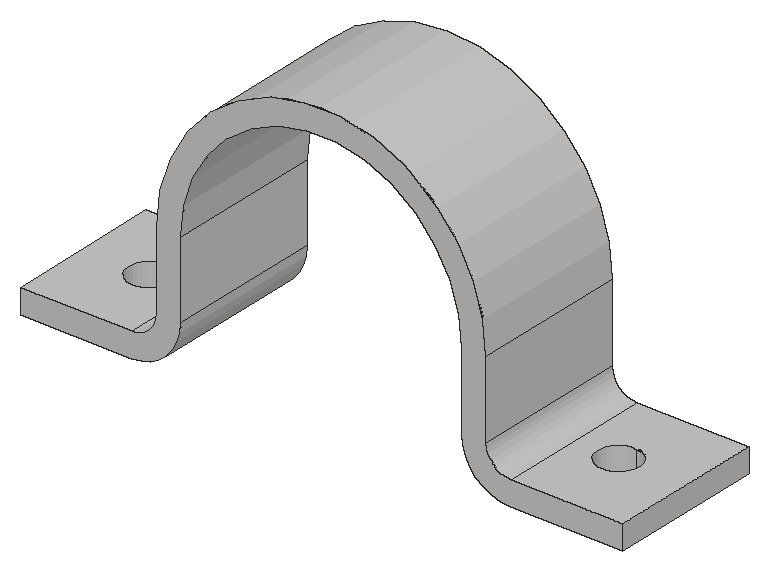
Revit family "Pipe-Strap-Atkore-Single-Piece-P2558-25", category Specialty Equipment, Revit 2012
Parameters (values of type "P2558-25")
  ecoScorecard_data = ""
  ecoScorecard Product Page = ""
  Unit = Metal - Aluminum - Atkore - Electro - Galvanized
  URL = "http://unistrut.us/index.php"
  Thickness = 6.40 mm
  Subcategory = "Pipe Strap"  # constant formula
  Product Page URL = ""
  Part Type = "Strap"  # constant formula
  Part Number = "P2558-25"
  Overall Width = 157.956 mm
  Overall Height = 76.156 mm
  Overall Depth = 41.275 mm
  Model = "P2558-25"  # constant formula
  Material = "Multiple Options - See Catalog"
  Manufacturer Toll Free Phone = "800-882-5543"  # constant formula
  Manufacturer Phone = "708-339-1610"  # constant formula
  Manufacturer Fax = "708-339-7814"  # constant formula
  Manufacturer Email = "mailto:questions@atkore.com"
  Manufacturer Address = "16100 South Lathrop Avenue, Harvey, IL 60426"  # constant formula
  Manufacturer = "Unistrut by Atkore International"  # constant formula
  Load Capacity Note = "Visit the product page for load application and capacity."  # constant formula
  Literature URL = ""
  Description = "Single Piece Pipe Strap"  # constant formula
  Cost Info = "mailto:questions@atkore.com"
  Construction Note = ""
  CSI MasterSpec = ""
  CAD URL = ""
  Assembly Code = "D5090300"
  95 CSI = "16070"  # constant formula
  04 CSI = "26 05 48"  # constant formula
Reference planes
  plane 1 "Center (Front/Back)": y = 0
  plane 2: z = 0
  plane 3 "Center (Left/Right)": x = 0
  plane 4: y = 20.637
  plane 5: y = -20.637
  plane 6: x = -78.978
  plane 7: x = 78.978
  plane 8: z = 76.156
Dimensions and locks
  equal spacing: plane 4, plane 1 "Center (Front/Back)", plane 5
  "Overall Height": plane 8 to level
  "Overall Depth": plane 4 to plane 5
  "Overall Width": plane 6 to plane 7
  equal spacing: plane 6, plane 3 "Center (Left/Right)", plane 7
  aligned and locked: level to plane 2
  aligned and locked: plane 3 "Center (Left/Right)" to nested 1
  aligned and locked: plane 1 "Center (Front/Back)" to nested 1
Nested families
  nested 1: "P2558-25" at (0, 0, 0), type "P2558-25"
Definition of nested family "P2558-25"
  Parameters (values of type "P2558-25")
    Unit = none
    Default Elevation = 0.00 mm
    C = 11.10 mm
    B = 7.10 mm
    A = 95.30 mm
  Reference planes
    plane 1 "Center (Front/Back)": y = 0
    plane 2: z = 0
    plane 3 "Center (Left/Right)": x = 0
    plane 4: y = -20.638
    plane 5: x = -78.978
    plane 6: x = 78.978
    plane 7: y = 20.637
    plane 8: z = 76.177
  Forms (mm)
    Sweep 1, solid, material <- "Unit"
      path origin (0, 0, 0) x (1, 0, 0) y (0, 1, 0)
        loop
          line (0, 20.637) -> (0, -20.638)
      profile origin (0, 0, 0) x (1, 0, 0) y (0, 0, 1)
        loop
          arc (43.259, 32.941) -> (0, 76.2) -> (-43.259, 32.941) r 43.259
          line (-43.259, 32.941) -> (-43.259, 12.7)
          arc (-43.259, 12.7) -> (-45.119, 8.21) -> (-49.609, 6.35) r 6.35
          line (-49.609, 6.35) -> (-49.609, 0)
          arc (-49.609, 0) -> (-40.629, 3.72) -> (-36.909, 12.7) r 12.7
          line (-36.909, 12.7) -> (-36.909, 32.941)
          arc (-36.909, 32.941) -> (0, 69.85) -> (36.909, 32.941) r 36.909
          line (36.909, 32.941) -> (36.909, 12.7)
          arc (36.909, 12.7) -> (40.629, 3.72) -> (49.609, 0) r 12.7
          line (49.609, 0) -> (49.609, 6.35)
          arc (49.609, 6.35) -> (45.119, 8.21) -> (43.259, 12.7) r 6.35
          line (43.259, 12.7) -> (43.259, 32.941)
    Sweep 2, solid, material <- "Unit"
      path origin (0, 0, 0) x (1, 0, 0) y (0, 0, 1)
        loop
          line (-78.978, 6.35) -> (-78.978, 0)
      profile origin (-78.978, 0, 3.175) x (0, -1, 0) y (1, 0, 0)
        loop
          line (-20.638, 0) -> (20.637, 0) -> (20.637, 29.369) -> (-20.638, 29.369) -> (-20.638, 0)
        loop
          circle (0, 17.463) r 5.556
    Sweep 3, solid, material <- "Unit"
      path origin (0, 0, 0) x (-1, 0, 0) y (0, 0, 1)
        loop
          line (-78.978, 6.35) -> (-78.978, 0)
      profile origin (78.978, 0, 3.175) x (0, -1, 0) y (1, 0, 0)
        loop
          line (-20.638, 0) -> (-20.638, -29.369) -> (20.637, -29.369) -> (20.637, 0) -> (-20.638, 0)
        loop
          circle (0, -17.463) r 5.556
  Cuts and joins
    joined: Sweep 1, Sweep 2, Sweep 3
  Dimensions and locks
    equal spacing: plane 4, plane 1 "Center (Front/Back)", plane 7
    equal spacing: plane 5, plane 3 "Center (Left/Right)", plane 6
    aligned and locked: plane 2 to level
    aligned and locked: plane 7 to Sweep 1 sketch curve
    aligned and locked: plane 4 to Sweep 1 sketch curve
  Automatic sketch dimensions
    Sweep 1 sketch curve to plane 3 "Center (Left/Right)" = 0.00 mm
    Sweep 1 sketch curve to Sweep 1 sketch curve = 0.00 mm  (x6)
    Sweep 1 sketch curve to level = 0.00 mm  (x2)
    profile plane to Sweep 1 sketch curve = 0.00 mm
    Sweep 1 sketch curve to Sweep 1 sketch curve = 36.909 mm
    Sweep 1 sketch curve to Sweep 1 sketch curve = 6.35 mm  (x3)
    Sweep 1 sketch curve to Sweep 1 sketch curve = 20.241 mm
    Sweep 2 sketch curve to level = 0.00 mm
    Sweep 2 sketch curve to plane 5 = 0.00 mm
    Sweep 2 sketch curve to Sweep 2 sketch curve = 6.35 mm
    Sweep 2 sketch curve to profile plane = 0.00 mm
    plane 1 "Center (Front/Back)" to Sweep 2 sketch curve = 0.00 mm
    Sweep 2 sketch curve to plane 1 "Center (Front/Back)" = 20.638 mm
    plane 1 "Center (Front/Back)" to Sweep 2 sketch curve = 20.637 mm
    Sweep 2 sketch curve to profile plane = 17.463 mm
    Sweep 2 sketch curve to Sweep 2 sketch curve = 11.906 mm
    Sweep 3 sketch curve to level = 0.00 mm
    Sweep 3 sketch curve to plane 6 = 0.00 mm
    Sweep 3 sketch curve to Sweep 3 sketch curve = 6.35 mm
    Sweep 3 sketch curve to profile plane = 0.00 mm
    plane 1 "Center (Front/Back)" to Sweep 3 sketch curve = 0.00 mm
    Sweep 3 sketch curve to plane 1 "Center (Front/Back)" = 20.638 mm
    plane 1 "Center (Front/Back)" to Sweep 3 sketch curve = 20.637 mm
    profile plane to Sweep 3 sketch curve = 17.463 mm
    Sweep 3 sketch curve to Sweep 3 sketch curve = 11.906 mm
    radius of Sweep 2 sketch curve = 5.556 mm
    radius of Sweep 3 sketch curve = 5.556 mm
